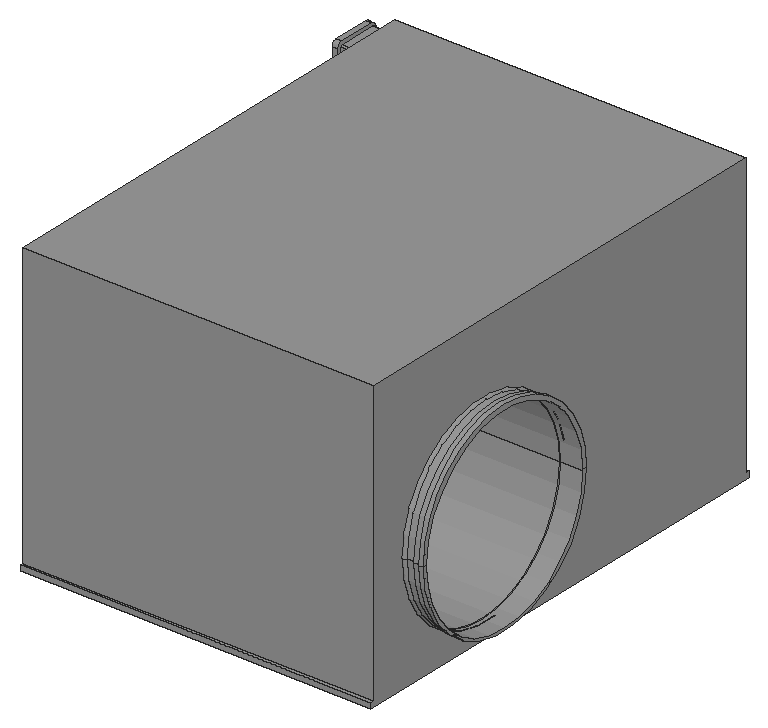
Revit family "IRB 355 B1 EC_7890036", category Mechanical Equipment, Revit 2014
Parameters (values of type "IRE 355 B1 EC")
  Wiring diagram = "4040145"
  Width = 708 mm
  Weight = 48.00 kg
  Voltage range = "200-277 V"
  Voltage = 230 V
  Speed = "2200 rpm"
  Sound pressure level at 3 m = "64 dB(A)"
  Power = 816 W
  Phase = 1
  Max. temperature of transported air when speed controlled = 60 °C
  Max. temperature of transported air = 60 °C
  Main Material = Steel, Galvanized
  Height = 840 mm
  Frequency = 50 Hz
  Elevation [instance] = 2600 mm
  Diameter = 355 mm
  Description = "Insulated duct fans with circular connections"
  Depth = 513 mm
  Current = 3.23 A
  Capacitor = "- µF"
Reference planes
  plane 1 "Center (Front/Back)": y = 0
  plane 2: z = 0
  plane 3 "Center (Left/Right)": x = 0
  plane 4: z = 2600
Dimensions and locks
  "Elevation": plane 4 to plane 2
  aligned and locked: level to plane 2
  aligned and locked: plane 3 "Center (Left/Right)" to nested 1
  aligned and locked: plane 1 "Center (Front/Back)" to nested 1
  aligned and locked: nested 1 to nested 2  (x2)
  aligned and locked: nested 1 to plane 4
Nested families
  nested 1: "IRB" at (0, 0, 2600), type "IRB"
    with Height 840 mm
  nested 2: "Flow direction symbol" at (0, 0, 0), type "Flow direction symbol"
Connectors
  electrical at (-354, 368.5, 3061.5), driven by "Phase", driven by "Voltage", driven by "Power"
    settings: on nested 1, index 1, voltage 230 V, apparent load 0 VA, apparent load phase1 816 VA, apparent load phase2 0 VA, apparent load phase3 0 VA, power factor 1, load classification "Other", number of poles 1, system type 31, power factor state 1, is connector primary yes, connector utility no, sub classification motor no, connector description ""
  hvac at (-354, -174.65, 2811.368), driven by "Diameter"
    settings: on nested 1, index 2, duct flow 0.0 L/s, flow factor 0, pres drop 0.0 Pa, loss coef 0, conn angle 0.00°, conn width 304.8 mm, conn height 304.8 mm, conn diameter 355 mm, duct sys type 1, conn prof type 0, flow config 0, flow direction 1, loss method 0, conn ref index -1, conn util no, is conn primary yes, conn desc ""
  hvac at (354, -174.487, 2812), driven by "Diameter"
    settings: on nested 1, index 3, duct flow 0.0 L/s, flow factor 0, pres drop 0.0 Pa, loss coef 0, conn angle 0.00°, conn width 304.8 mm, conn height 304.8 mm, conn diameter 355 mm, duct sys type 3, conn prof type 0, flow config 0, flow direction 2, loss method 0, conn ref index -1, conn util no, is conn primary no, conn desc ""
Definition of nested family "IRB"
  Parameters (values of type "IRB")
    Width = 708 mm
    Main Material = Steel, Galvanized
    Height = 849 mm
    Description = ""
    Depth = 513 mm
  Reference planes
    plane 1 "Center (Front/Back)": y = 0
    plane 2: z = 0
    plane 3 "Center (Left/Right)": x = 0
    plane 4: z = 513
    plane 5 "Horizontal Pipe Axis": z = 262
    plane 6: z = 10
    plane 7: z = 503
    plane 8: x = -312.5
    plane 9: x = 312.5
    plane 10: x = -354
    plane 11: x = 354
    plane 12: y = 424.5
    plane 13: y = -424.5
    plane 14: y = 414.5
    plane 15: x = -344
  Forms (mm)
    Extrusion 1, solid, material "Steel, Galvanized" <- "Main Material", detail levels medium+fine
      sketch origin (0, 0, 0) x (0, 1, 0) y (0, 0, 1)
        loop
          line (-424.5, 0) -> (424.5, 0) -> (424.5, 10) -> (419.5, 10) -> (419.5, 11) -> (419.5, 513) -> (-419.5, 513) -> (-419.5, 10) -> (-424.5, 10) -> (-424.5, 0)
      from -312.5 to 312.5
    Extrusion 2, void
      sketch origin (0, 34.5, -10.499) x (0, 1, 0) y (0, 0, 1)
        loop
          circle (-208.975, 220.604) r 175
      from -809.837 to 500.936
    Extrusion 3, solid, material "Steel, Galvanized" <- "Main Material", detail levels coarse
      sketch origin (0, 35, -5) x (0, 1, 0) y (0, 0, -1)
        loop
          circle (-208.916, -215.66) r 176
      from 312.5 to 354
    Revolve 4, solid, material "Steel, Galvanized" <- "Main Material", detail levels medium+fine
      sketch origin (0, 34.5, 212) x (-1, 0, 0) y (0, -1, 0)
        loop
          line (354, 28) -> (354, 209.5) -> (312.5, 209.5) -> (312.5, 32)
          arc (312.5, 32) -> (316.75, 30) -> (321, 32) r 5.516
          line (321, 32) -> (336, 32) -> (336, 30) -> (346, 30) -> (346, 28) -> (354, 28)
        axis (312.5, 209.5) -> (354, 209.5)
      angle from 0 to 360
    Extrusion 5, solid, material "Steel, Galvanized" <- "Main Material", detail levels coarse
      sketch origin (0, 0, 0) x (0, 1, 0) y (0, 0, 1)
        loop
          line (424.5, 513) -> (-424.5, 513) -> (-424.5, 0) -> (424.5, 0) -> (424.5, 513)
      from -312.5 to 312.5
    Sweep 6, solid, material "Plastic, Opaque White", detail levels fine
      path origin (0, 0, 0) x (1, 0, 0) y (0, 1, 0)
        loop
          line (-344, 414.5) -> (-354, 414.5)
      profile origin (-349, 414.5, 0) x (0, -1, 0) y (0, 0, 1)
        loop
          arc (8.073, 503) -> (2.365, 500.635) -> (0, 494.927) r 8.073
          line (0, 494.927) -> (0, 428.073)
          arc (0, 428.073) -> (2.365, 422.365) -> (8.073, 420) r 8.073
          line (8.073, 420) -> (74.927, 420)
          arc (74.927, 420) -> (80.635, 422.365) -> (83, 428.073) r 8.073
          line (83, 428.073) -> (83, 494.927)
          arc (83, 494.927) -> (80.635, 500.635) -> (74.927, 503) r 8.073
          line (74.927, 503) -> (8.073, 503)
    Sweep 7, solid, material "Plastic, Opaque White", detail levels fine
      path origin (0, 0, 0) x (1, 0, 0) y (0, 1, 0)
        loop
          line (-344, 373) -> (-312.5, 373)
      profile origin (-328.25, 373, 0) x (0, 1, 0) y (0, 0, 1)
        loop
          line (33.427, 498) -> (-33.427, 498)
          arc (-33.427, 498) -> (-35.6, 497.1) -> (-36.5, 494.927) r 3.073
          line (-36.5, 494.927) -> (-36.5, 428.073)
          arc (-36.5, 428.073) -> (-35.6, 425.9) -> (-33.427, 425) r 3.073
          line (-33.427, 425) -> (33.427, 425)
          arc (33.427, 425) -> (35.6, 425.9) -> (36.5, 428.073) r 3.073
          line (36.5, 428.073) -> (36.5, 494.927)
          arc (36.5, 494.927) -> (35.6, 497.1) -> (33.427, 498) r 3.073
    Revolve 8, solid, material "Steel, Galvanized" <- "Main Material", detail levels medium+fine
      sketch origin (0, 0, 212) x (1, 0, 0) y (0, 1, 0)
        loop
          line (354, 6.5) -> (346, 6.5) -> (346, 4.5) -> (336, 4.5) -> (336, 2.5) -> (321, 2.5)
          arc (321, 2.5) -> (316.75, 4.5) -> (312.5, 2.5) r 5.516
          line (312.5, 2.5) -> (312.5, -174.5) -> (354, -174.5) -> (354, 6.5)
        axis (312.5, -174.5) -> (354, -174.5)
      angle from 0 to 360
    Extrusion 9, solid, material "Steel, Galvanized" <- "Main Material", detail levels coarse
      sketch origin (0, 35, 0) x (0, 1, 0) y (0, 0, 1)
        loop
          circle (-209.5, 262) r 176
      from 312.5 to 354
  Cuts and joins
    Extrusion 2 cuts Extrusion 1
    joined: Sweep 6, Sweep 7
    Extrusion 2 cuts Revolve 4
    Extrusion 2 cuts Revolve 8
  Dimensions and locks
    equal spacing: plane 10, plane 3 "Center (Left/Right)", plane 11
    "Width": plane 10 to plane 11
    "Depth": plane 4 to level
    locked: plane 12 to plane 14 at 10
    locked: plane 4 to plane 7 at 10
    locked: plane 10 to plane 15 at 10
    locked: plane 10 to plane 8 at 41.5
    locked: plane 9 to plane 11 at 41.5
    locked: Sweep 7 sketch curve to plane 7 at 5
    locked: plane 14 to Sweep 7 sketch curve at 5
    plane 4 to plane 5 "Horizontal Pipe Axis" = 251 mm
    equal spacing: plane 12, plane 1 "Center (Front/Back)", plane 13
    "Height": plane 12 to plane 13
    aligned and locked: level to plane 2
    aligned and locked: Extrusion 1 sketch curve to plane 13
    aligned and locked: plane 2 to Extrusion 1 sketch curve
    aligned and locked: Extrusion 1 sketch curve to plane 12
    aligned and locked: Extrusion 1 to plane 9
    aligned and locked: Extrusion 1 to plane 8
    aligned and locked: Extrusion 3 to plane 10
    aligned and locked: plane 8 to Extrusion 3
    aligned and locked: Extrusion 3 to plane 8
    aligned and locked: plane 4 to Extrusion 5 sketch curve
    aligned and locked: plane 12 to Extrusion 5 sketch curve
    aligned and locked: Extrusion 5 sketch curve to cut or joined group of Extrusion 1, Extrusion 2  (x2)
    aligned and locked: Extrusion 5 to plane 8
    aligned and locked: Extrusion 5 to plane 9
    aligned and locked: plane 10 to Sweep 6 sketch curve
    aligned and locked: plane 15 to Sweep 6 sketch curve
    aligned and locked: Sweep 6 sketch curve to plane 7
    aligned and locked: Sweep 6 sketch curve to plane 14
    aligned and locked: plane 8 to Sweep 7 sketch curve
    aligned and locked: plane 15 to Sweep 7 sketch curve
    aligned and locked: Revolve 4 sketch curve to plane 10
    aligned and locked: cut or joined group of Extrusion 2, Revolve 4 to plane 10
    aligned and locked: cut or joined group of Extrusion 2, Revolve 4 to plane 8
  Automatic sketch dimensions
    Extrusion 1 sketch curve to plane 4 = 0 mm
    Extrusion 1 sketch curve to plane 6 = 0 mm  (x2)
    Extrusion 1 sketch curve to plane 13 = 5 mm
    Extrusion 1 sketch curve to plane 12 = 5 mm
    Extrusion 1 sketch curve to Extrusion 1 sketch curve = 1 mm
    Extrusion 2 sketch curve to plane 5 "Horizontal Pipe Axis" = 51.895 mm
    plane 1 "Center (Front/Back)" to Extrusion 2 sketch curve = 174.475 mm
    Extrusion 3 sketch curve to plane 5 "Horizontal Pipe Axis" = 51.34 mm
    plane 1 "Center (Front/Back)" to Extrusion 3 sketch curve = 173.916 mm
    Revolve 4 sketch curve to plane 8 = 0 mm  (x2)
    plane 1 "Center (Front/Back)" to Revolve 4 sketch curve = 1.015 mm
    Revolve 4 sketch curve to plane 8 = 4.25 mm
    Revolve 4 sketch curve to plane 1 "Center (Front/Back)" = 2.5 mm
    Revolve 4 sketch curve to Revolve 4 sketch curve = 4.25 mm
    plane 15 to Revolve 4 sketch curve = 8 mm
    Revolve 4 sketch curve to plane 15 = 2 mm
    Revolve 4 sketch curve to plane 1 "Center (Front/Back)" = 4.5 mm
    Revolve 4 sketch curve to plane 1 "Center (Front/Back)" = 6.5 mm
    Revolve 4 sketch curve to Revolve 4 sketch curve = 173.985 mm
    Revolve 4 sketch curve to Revolve 4 sketch curve = 93.5 mm
    Revolve 4 sketch curve to Revolve 4 sketch curve = 0 mm
    Sweep 6 sketch curve to plane 14 = 0 mm
    Sweep 6 sketch curve to profile plane = 8.073 mm
    Sweep 6 sketch curve to Sweep 6 sketch curve = 8.073 mm  (x2)
    Sweep 6 sketch curve to Sweep 6 sketch curve = 66.854 mm  (x3)
    Sweep 7 sketch curve to plane 14 = 41.5 mm
    Sweep 7 sketch curve to Sweep 7 sketch curve = 3.073 mm  (x3)
    profile plane to Sweep 7 sketch curve = 33.427 mm  (x2)
    Sweep 7 sketch curve to Sweep 7 sketch curve = 66.854 mm
    Revolve 8 sketch curve to plane 9 = 0 mm  (x2)
    Revolve 8 sketch curve to plane 11 = 0 mm
    plane 1 "Center (Front/Back)" to Revolve 8 sketch curve = 1.015 mm
    Revolve 8 sketch curve to plane 9 = 4.25 mm
    Revolve 8 sketch curve to plane 1 "Center (Front/Back)" = 2.5 mm
    Revolve 8 sketch curve to Revolve 8 sketch curve = 4.25 mm
    Revolve 8 sketch curve to Revolve 8 sketch curve = 15 mm
    plane 11 to Revolve 8 sketch curve = 8 mm
    plane 1 "Center (Front/Back)" to Revolve 8 sketch curve = 174.5 mm
    Revolve 8 sketch curve to Revolve 8 sketch curve = 2 mm  (x2)
    Revolve 8 sketch curve to Revolve 8 sketch curve = 93.5 mm
    Revolve 8 sketch curve to Revolve 8 sketch curve = 0 mm
    Extrusion 9 sketch curve to plane 5 "Horizontal Pipe Axis" = 0 mm
    plane 1 "Center (Front/Back)" to Extrusion 9 sketch curve = 174.5 mm
    radius of Extrusion 2 sketch curve = 175 mm
    radius of Extrusion 3 sketch curve = 176 mm
    radius of Extrusion 9 sketch curve = 176 mm
Definition of nested family "Flow direction symbol"
  Parameters (values of type "Flow direction symbol")
    Warning = "!"
    Text = "DIMENSIONS OVERCONSTRAINT"
  Reference planes
    plane 1: y = 0
    plane 2: x = 0
  Lines and regions (mm)
    detail lines
      curve 1: line (-0.506, 0.877, 0) -> (-0.506, -0.877, 0)
      curve 2: line (1.012, 0, 0) -> (-0.506, -0.877, 0)
      curve 3: line (-0.506, 0.877, 0) -> (1.012, 0, 0)
      curve 4: circle (0, 0, 0) r 1 normal (0, 0, 1)
